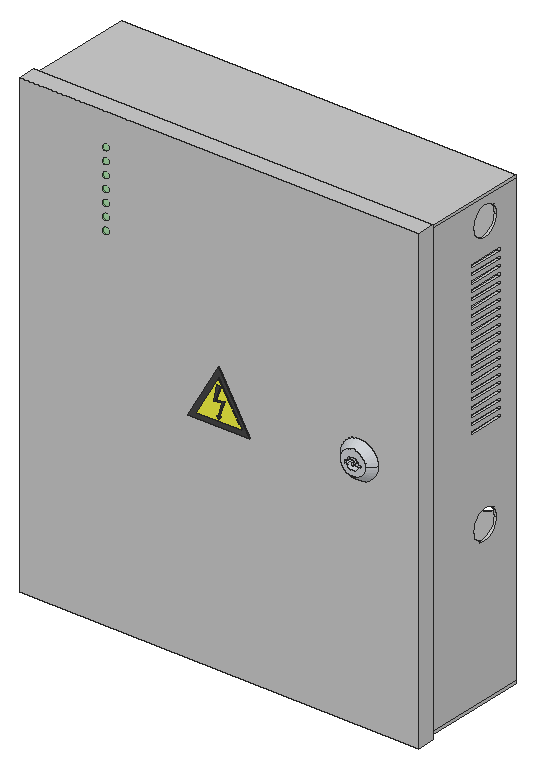
Revit family "STS-301U Трансляционный аудиоусилитель_RV17_LOD_400 (04.10.23)", category Электрооборудование, Revit 2017
Family settings
  Конфигурация панели = Два столбца, слева направо
  Размер круглого соединителя = Использовать диаметр
  Тип детали = Щит
  На основе рабочей плоскости = Нет
  Всегда вертикально = Да
  При загрузке вырезать с полостями = Нет
  Общий = Нет
  Точка расчета площади = Нет
Parameters (values of type "STS-301U")
  частота дискретизации, Гц = "8000, 22050, 32000, 44100"
  Частота питающего напряжения, Гц = 50 Hz
  Режим работы = "непрерывный"
  Подключение к сети = "10 Base-T Ethernet (гнездо RJ-45)"
  Сопротивление громкоговорителя, Ом = "от 8 до 32\r\nот 8 до 32"
  Смещение_УГО_Y [instance] = 0 mm
  Смещение_УГО_X [instance] = 0 mm
  Резервирование электропитания = "имеется"
  Раздел проекта [instance] = ""
  Раздел Спецификации [instance] = ""
  Поддерживаемые форматы аудио = "WAV PCM (без сжатия)"
  Поддерживаемые протоколы = "TCP/IP, UDP/IP, HTTP, RTSP, RTP/UDP"
  Напряжение электропитания в автономном режиме, В = 24 V
  Напряжение = "220"
  Мощность встроенного блока питания, Вт = 100
  Мощность аудиовыхода, Вт = 40 W
  Мощность = "40"
  Потребляемый ток, не более, А = 0.5 A
  Минимальное сопротивление линии оповещения, не менее, Ом = 4
  Максимальное время работы в режиме оповещения, не менее, ч = 1
  Максимальное время работы в автономном режиме, не менее, ч = 25
  Контроль целостности линий до динамиков = "имеется"
  Количество шлейфов сигнализации (ШС), шт. = 4
  Количество аудиовыходов для линий оповещения, шт. = 2
  Диапазон рабочих температур, °С = "от +5 до +50"
  Датчик вскрытия = "имеется"
  Видимость_дверь [instance] = yes
  Видимость_УГО [instance] = yes
  В_Смещение_УГО_Y [instance] = Смещение_УГО_Y + 2000 mm  # 2000 mm
  В_Смещение_УГО_X [instance] = Смещение_УГО_X + 2000 mm  # 2000 mm
  АКБ [instance] = yes
  d короба [instance] = 20 mm
  ADSK_Размер_Ширина = 320 mm
  ADSK_Размер_Глубина = 100 mm
  ADSK_Размер_Высота = 370 mm
  ADSK_Примечание = ""
  ADSK_Наименование = "Трансляционный усилитель STS-301U"
  ADSK_Масса = 4
  ADSK_Марка = "СТАЕ.426469.102"
  ADSK_Количество = 1
  ADSK_Завод-изготовитель = "ООО «Основа Безопасности»"  # constant formula
  ADSK_Единица измерения = "шт."  # constant formula
  ADSK_URL страницы изделия = "https://stilsoft.ru/products/sts-301u"
  ADSK_URL документации изделия = ""
Reference planes
  plane 1 "По центру (Вперед/Назад)": y = 0
  plane 2: z = 0
  plane 3 "По центру (Влево/Вправо)": x = 0
  plane 4: x = 160
  plane 5: x = -160
  plane 6 "0": y = -100
  plane 7: z = 370
  plane 8 "правая грань": x = 158
  plane 9: y = -3
  plane 10 "стенка": y = -5
  plane 11 "дверь": y = -82
  plane 12: y = -81
  plane 13: y = -80
  plane 14: z = 2
  plane 15: z = 4
  plane 16: y = 0
  plane 17: x = 0
  plane 18: y = 2000
  plane 19: x = -2000
  plane 20 "2": x = -158
  plane 21 "1": z = 368
  plane 22: x = 158
Forms (mm)
  Extrusion 1, solid, material "корпус", detail levels medium+fine
    sketch origin (0, 0, 0) x (1, 0, 0) y (0, 1, 0)
      loop
        line (-156, -98) -> (-156, -1.786) -> (155.99, -1.786) -> (155.99, -98) -> (158, -98) -> (158, 0) -> (-158, 0) -> (-158, -98) -> (-156, -98)
    from 4 to 366
  Extrusion 2, solid, material "корпус", detail levels medium+fine
    sketch origin (0, 0, 0) x (1, 0, 0) y (0, 1, 0)
      loop
        line (-158, 0) -> (-158, -98) -> (158, -98) -> (158, 0) -> (-158, 0)
    from 2 to 4
  Extrusion 3, solid, material "корпус", detail levels medium+fine
    sketch origin (0, 0, 0) x (1, 0, 0) y (0, 1, 0)
      loop
        line (-158, 0) -> (-158, -98) -> (158, -98) -> (158, 0) -> (-158, 0)
    from 366 to 368
  Extrusion 4, solid, material "корпус", visible <- "Видимость_дверь", detail levels medium+fine
    sketch origin (0, -82, 0) x (-1, 0, 0) y (0, 0, 1)
      loop
        line (160, 370) -> (-160, 370) -> (-160, 0) -> (160, 0) -> (160, 370)
    from -16 to -18
  Extrusion 5, solid, material "корпус", visible <- "Видимость_дверь", detail levels medium+fine
    sketch origin (0, -82, 0) x (-1, 0, 0) y (0, 0, 1)
      loop
        line (160, 370) -> (-160, 370) -> (-160, 0) -> (160, 0) -> (160, 370)
      loop
        line (158, 366) -> (-158.5, 366) -> (-158.5, 2) -> (158, 2) -> (158, 366)
    from -16 to -3.97
  Extrusion 6, void, detail levels fine
    sketch origin (158, 0, 0) x (0, -1, 0) y (0, 0, 1)
      loop
        line (15, 293.065) -> (15, 290.065) -> (45, 290.065) -> (45, 293.065) -> (15, 293.065)
      loop
        line (15, 287.065) -> (15, 284.065) -> (45, 284.065) -> (45, 287.065) -> (15, 287.065)
      loop
        line (15, 281.065) -> (15, 278.065) -> (45, 278.065) -> (45, 281.065) -> (15, 281.065)
      loop
        line (15, 275.065) -> (15, 272.065) -> (45, 272.065) -> (45, 275.065) -> (15, 275.065)
      loop
        line (15, 269.065) -> (15, 266.065) -> (45, 266.065) -> (45, 269.065) -> (15, 269.065)
      loop
        line (15, 263.065) -> (15, 260.065) -> (45, 260.065) -> (45, 263.065) -> (15, 263.065)
      loop
        line (15, 257.065) -> (15, 254.065) -> (45, 254.065) -> (45, 257.065) -> (15, 257.065)
      loop
        line (15, 251.065) -> (15, 248.065) -> (45, 248.065) -> (45, 251.065) -> (15, 251.065)
      loop
        line (15, 245.065) -> (15, 242.065) -> (45, 242.065) -> (45, 245.065) -> (15, 245.065)
      loop
        line (15, 239.065) -> (15, 236.065) -> (45, 236.065) -> (45, 239.065) -> (15, 239.065)
      loop
        line (15, 233.065) -> (15, 230.065) -> (45, 230.065) -> (45, 233.065) -> (15, 233.065)
      loop
        line (15, 227.065) -> (15, 224.065) -> (45, 224.065) -> (45, 227.065) -> (15, 227.065)
      loop
        line (15, 221.065) -> (15, 218.065) -> (45, 218.065) -> (45, 221.065) -> (15, 221.065)
      loop
        line (15, 215.065) -> (15, 212.065) -> (45, 212.065) -> (45, 215.065) -> (15, 215.065)
      loop
        line (15, 209.065) -> (15, 206.065) -> (45, 206.065) -> (45, 209.065) -> (15, 209.065)
      loop
        line (15, 203.065) -> (15, 200.065) -> (45, 200.065) -> (45, 203.065) -> (15, 203.065)
      loop
        line (15, 323.065) -> (15, 320.065) -> (45, 320.065) -> (45, 323.065) -> (15, 323.065)
      loop
        line (15, 317.065) -> (15, 314.065) -> (45, 314.065) -> (45, 317.065) -> (15, 317.065)
      loop
        line (15, 311.065) -> (15, 308.065) -> (45, 308.065) -> (45, 311.065) -> (15, 311.065)
      loop
        line (15, 305.065) -> (15, 302.065) -> (45, 302.065) -> (45, 305.065) -> (15, 305.065)
      loop
        line (15, 299.065) -> (15, 296.065) -> (45, 296.065) -> (45, 299.065) -> (15, 299.065)
    from 0 to 2
  Extrusion 7, solid, material "ЗНАЧЕК (1)", visible <- "Видимость_дверь", detail levels medium+fine
    sketch origin (0, -100, 45) x (1, 0, 0) y (0, 0, 1)
      loop
        line (25, 130) -> (0, 173) -> (-25, 130) -> (25, 130)
    from 0 to 0.2
  Extrusion 8, solid, material "ЗНАЧЕК (2)", visible <- "Видимость_дверь", detail levels medium+fine
    sketch origin (0, -100, 45) x (1, 0, 0) y (0, 0, 1)
      loop
        line (18, 134) -> (0, 165) -> (-18, 134) -> (18, 134)
    from 0 to 0.3
  Extrusion 9, solid, material "ЗНАЧЕК (1)", detail levels medium+fine
    sketch origin (0, -100, 45) x (1, 0, 0) y (0, 0, 1)
      loop
        line (0, 159.8) -> (-1.4, 159.8) -> (-4.015, 147.497) -> (2.6, 148.075) -> (-0.309, 137.932) -> (-1.555, 137.932) -> (0, 135.238) -> (1.886, 137.932) -> (0.321, 137.932) -> (4.567, 149.598) -> (-2.041, 149.251) -> (1.799, 159.8) -> (0, 159.8)
    from 0 to 0.4
  Revolve 10, solid, material "индикаторы 1", detail levels medium+fine
    sketch origin (145.699, -100, 336.294) x (0, 0, 1) y (-1, 0, 0)
      loop
        arc (-54.5, 236) -> (-52, 233.5) -> (-49.5, 236) r 2.5
        line (-49.5, 236) -> (-54.5, 236)
      axis (-54.5, 236) -> (-49.5, 236)
    angle from 0 to -180
  Revolve 11, solid, material "индикаторы 1", detail levels medium+fine
    sketch origin (145.699, -100, 346.294) x (0, 0, 1) y (-1, 0, 0)
      loop
        arc (-54.5, 236) -> (-52, 233.5) -> (-49.5, 236) r 2.5
        line (-49.5, 236) -> (-54.5, 236)
      axis (-54.5, 236) -> (-49.5, 236)
    angle from 0 to -180
  Revolve 12, solid, material "индикаторы 1", detail levels medium+fine
    sketch origin (145.699, -100, 356.294) x (0, 0, 1) y (-1, 0, 0)
      loop
        arc (-54.5, 236) -> (-52, 233.5) -> (-49.5, 236) r 2.5
        line (-49.5, 236) -> (-54.5, 236)
      axis (-54.5, 236) -> (-49.5, 236)
    angle from 0 to -180
  Revolve 13, solid, material "индикаторы 1", detail levels medium+fine
    sketch origin (145.699, -100, 366.294) x (0, 0, 1) y (-1, 0, 0)
      loop
        arc (-54.5, 236) -> (-52, 233.5) -> (-49.5, 236) r 2.5
        line (-49.5, 236) -> (-54.5, 236)
      axis (-54.5, 236) -> (-49.5, 236)
    angle from 0 to -180
  Revolve 14, solid, material "индикаторы 1", detail levels medium+fine
    sketch origin (145.699, -100, 376.294) x (0, 0, 1) y (-1, 0, 0)
      loop
        arc (-54.5, 236) -> (-52, 233.5) -> (-49.5, 236) r 2.5
        line (-49.5, 236) -> (-54.5, 236)
      axis (-54.5, 236) -> (-49.5, 236)
    angle from 0 to -180
  Revolve 15, solid, material "индикаторы 1", detail levels medium+fine
    sketch origin (145.699, -100, 386.294) x (0, 0, 1) y (-1, 0, 0)
      loop
        arc (-54.5, 236) -> (-52, 233.5) -> (-49.5, 236) r 2.5
        line (-49.5, 236) -> (-54.5, 236)
      axis (-54.5, 236) -> (-49.5, 236)
    angle from 0 to -180
  Revolve 16, solid, material "индикаторы 1", detail levels medium+fine
    sketch origin (145.699, -100, 396.294) x (0, 0, 1) y (-1, 0, 0)
      loop
        arc (-54.5, 236) -> (-52, 233.5) -> (-49.5, 236) r 2.5
        line (-49.5, 236) -> (-54.5, 236)
      axis (-54.5, 236) -> (-49.5, 236)
    angle from 0 to -180
  Extrusion 17, void
    sketch origin (0, -82, 0) x (-1, 0, 0) y (0, 0, 1)
      loop
        line (158, 368) -> (-158, 368) -> (-158, 2) -> (158, 2) -> (158, 368)
    from -16 to -3.97
  Extrusion 18, void, detail levels fine
    sketch origin (158, -12.74, 209.208) x (0, -1, 0) y (0, 0, 1)
      loop
        circle (18, 139) r 12
    from 0 to 2
  Extrusion 19, void, detail levels fine
    sketch origin (158, -12.74, -8.935) x (0, -1, 0) y (0, 0, 1)
      loop
        circle (18, 139) r 12
    from 0 to 2
  Extrusion 20, void, detail levels fine
    sketch origin (-158, 0, 205) x (0, 0, 1) y (0, -1, 0)
      loop
        line (118.065, 15) -> (118.065, 45) -> (115.065, 45) -> (115.065, 15) -> (118.065, 15)
      loop
        line (112.065, 15) -> (112.065, 45) -> (109.065, 45) -> (109.065, 15) -> (112.065, 15)
      loop
        line (106.065, 15) -> (106.065, 45) -> (103.065, 45) -> (103.065, 15) -> (106.065, 15)
      loop
        line (100.065, 15) -> (100.065, 45) -> (97.065, 45) -> (97.065, 15) -> (100.065, 15)
      loop
        line (94.065, 15) -> (94.065, 45) -> (91.065, 45) -> (91.065, 15) -> (94.065, 15)
      loop
        line (88.065, 15) -> (88.065, 45) -> (85.065, 45) -> (85.065, 15) -> (88.065, 15)
      loop
        line (82.065, 15) -> (82.065, 45) -> (79.065, 45) -> (79.065, 15) -> (82.065, 15)
      loop
        line (76.065, 15) -> (76.065, 45) -> (73.065, 45) -> (73.065, 15) -> (76.065, 15)
      loop
        line (70.065, 15) -> (70.065, 45) -> (67.065, 45) -> (67.065, 15) -> (70.065, 15)
      loop
        line (64.065, 15) -> (64.065, 45) -> (61.065, 45) -> (61.065, 15) -> (64.065, 15)
      loop
        line (58.065, 15) -> (58.065, 45) -> (55.065, 45) -> (55.065, 15) -> (58.065, 15)
      loop
        line (52.065, 15) -> (52.065, 45) -> (49.065, 45) -> (49.065, 15) -> (52.065, 15)
      loop
        line (46.065, 15) -> (46.065, 45) -> (43.065, 45) -> (43.065, 15) -> (46.065, 15)
      loop
        line (40.065, 15) -> (40.065, 45) -> (37.065, 45) -> (37.065, 15) -> (40.065, 15)
      loop
        line (34.065, 15) -> (34.065, 45) -> (31.065, 45) -> (31.065, 15) -> (34.065, 15)
      loop
        line (28.065, 15) -> (28.065, 45) -> (25.065, 45) -> (25.065, 15) -> (28.065, 15)
      loop
        line (148.065, 15) -> (148.065, 45) -> (145.065, 45) -> (145.065, 15) -> (148.065, 15)
      loop
        line (142.065, 15) -> (142.065, 45) -> (139.065, 45) -> (139.065, 15) -> (142.065, 15)
      loop
        line (136.065, 15) -> (136.065, 45) -> (133.065, 45) -> (133.065, 15) -> (136.065, 15)
      loop
        line (130.065, 15) -> (130.065, 45) -> (127.065, 45) -> (127.065, 15) -> (130.065, 15)
      loop
        line (124.065, 15) -> (124.065, 45) -> (121.065, 45) -> (121.065, 15) -> (124.065, 15)
    from 0 to 2
  Extrusion 21, void, detail levels fine
    sketch origin (-158, 0, 2) x (0, 0, 1) y (0, -1, 0)
      loop
        circle (128.064, 30.74) r 12
    from 0 to 2
  Blend 22, solid, detail levels medium+fine
    base sketch origin (0, -100, 0) x (1, 0, 0) y (0, 0, 1)
      loop
        circle (112.491, 191.124) r 15
    top sketch origin (0, -100, 0) x (1, 0, 0) y (0, 0, 1)
      loop
        circle (112.491, 191.124) r 10
    from 0 to 6
  Extrusion 23, void
    sketch origin (0, -100, 0) x (1, 0, 0) y (0, 0, 1)
      loop
        circle (112.263, 190.268) r 0.888
      loop
        line (105.364, 191.514) -> (105.364, 189.117) -> (107.397, 189.117)
        arc (107.397, 189.117) -> (112.263, 185.268) -> (117.128, 189.117) r 5
        line (117.128, 189.117) -> (119.161, 189.117) -> (119.161, 191.514) -> (117.105, 191.514)
        arc (117.105, 191.514) -> (112.263, 195.268) -> (107.42, 191.514) r 5
        line (107.42, 191.514) -> (105.364, 191.514)
    from 6 to 0.529
  Extrusion 24, void
    sketch origin (0, 0, 0) x (1, 0, 0) y (0, 0, 1)
      loop
        circle (133.233, 130.065) r 12
    from 0 to 2
  Extrusion 25, void
    sketch origin (-0.107, 0, 0) x (-1, 0, 0) y (0, 0, -1)
      loop
        circle (133.233, -130.065) r 12
    from 0 to 2
Cuts and joins
  Extrusion 17 cuts Extrusion 4
  Extrusion 17 cuts Extrusion 5
  joined: Extrusion 4, Extrusion 5
  Extrusion 6, Extrusion 17, Extrusion 18, Extrusion 19, Extrusion 20, Extrusion 21, Extrusion 24, Extrusion 25 cuts Extrusion 1
  Extrusion 17 cuts Extrusion 7
  Extrusion 17 cuts Extrusion 8
  Extrusion 17 cuts Extrusion 9
  Extrusion 17 cuts Revolve 10
  Extrusion 17 cuts Revolve 11
  Extrusion 17 cuts Revolve 12
  Extrusion 17 cuts Revolve 13
  Extrusion 17 cuts Revolve 14
  Extrusion 17 cuts Revolve 15
  Extrusion 17 cuts Revolve 16
  Extrusion 23 cuts Blend 22
Dimensions and locks
  "ADSK_Размер_Ширина": plane 5 to plane 4
  "ADSK_Размер_Глубина": plane 6 "0" to plane 1 "По центру (Вперед/Назад)"
  "ADSK_Размер_Высота": plane 7 to level
  locked: plane 18 to plane 1 "По центру (Вперед/Назад)" at 2000
  locked: plane 19 to plane 3 "По центру (Влево/Вправо)" at 2000
  "В_Смещение_УГО_X": plane 19 to plane 17
  "В_Смещение_УГО_Y": plane 16 to plane 18
  equal spacing: plane 5, plane 3 "По центру (Влево/Вправо)", plane 4
  locked: cut or joined group of Extrusion 4, Extrusion 5, Extrusion 17 to cut or joined group of Extrusion 4, Extrusion 5, Extrusion 17 at 2
  locked: cut or joined group of Extrusion 4, Extrusion 5, Extrusion 17 to cut or joined group of Extrusion 4, Extrusion 5, Extrusion 17 at 12.03
  aligned and locked: level to plane 2
  aligned and locked: nested 1 to plane 16
  aligned and locked: plane 17 to nested 1
Automatic sketch dimensions
  Extrusion 1 sketch curve to plane 20 "2" = 0 mm
  plane 1 "По центру (Вперед/Назад)" to Extrusion 1 sketch curve = 0 mm
  Extrusion 1 sketch curve to plane 8 "правая грань" = 0 mm
  plane 20 "2" to Extrusion 1 sketch curve = 2 mm
  plane 8 "правая грань" to Extrusion 1 sketch curve = 2.01 mm
  plane 9 to Extrusion 1 sketch curve = 1.214 mm
  Extrusion 1 sketch curve to plane 6 "0" = 2 mm  (x2)
  Extrusion 2 sketch curve to plane 20 "2" = 0 mm
  Extrusion 2 sketch curve to plane 8 "правая грань" = 0 mm
  plane 1 "По центру (Вперед/Назад)" to Extrusion 2 sketch curve = 0 mm
  Extrusion 2 sketch curve to plane 6 "0" = 2 mm
  Extrusion 3 sketch curve to plane 20 "2" = 0 mm
  Extrusion 3 sketch curve to plane 8 "правая грань" = 0 mm
  plane 1 "По центру (Вперед/Назад)" to Extrusion 3 sketch curve = 0 mm
  Extrusion 3 sketch curve to plane 6 "0" = 2 mm
  Extrusion 4 sketch curve to plane 4 = 0 mm
  Extrusion 4 sketch curve to level = 0 mm
  plane 5 to Extrusion 4 sketch curve = 0 mm
  Extrusion 4 sketch curve to plane 7 = 0 mm
  Extrusion 5 sketch curve to plane 4 = 0 mm
  Extrusion 5 sketch curve to plane 14 = 0 mm
  Extrusion 5 sketch curve to plane 20 "2" = 0 mm
  plane 5 to Extrusion 5 sketch curve = 0 mm
  Extrusion 5 sketch curve to level = 0 mm
  Extrusion 5 sketch curve to plane 7 = 0 mm
  Extrusion 5 sketch curve to plane 8 "правая грань" = 0.5 mm
  plane 21 "1" to Extrusion 5 sketch curve = 2 mm
  Extrusion 6 sketch curve to plane 10 "стенка" = 10 mm  (x2)
  Extrusion 6 sketch curve to Extrusion 6 sketch curve = 0 mm  (x38)
  Extrusion 6 sketch curve to Extrusion 6 sketch curve = 30 mm  (x2)
  plane 21 "1" to Extrusion 6 sketch curve = 167.935 mm
  Extrusion 6 sketch curve to Extrusion 6 sketch curve = 3 mm  (x41)
  Extrusion 7 sketch curve to plane 3 "По центру (Влево/Вправо)" = 0 mm
  Extrusion 7 sketch curve to plane 3 "По центру (Влево/Вправо)" = 25 mm
  plane 3 "По центру (Влево/Вправо)" to Extrusion 7 sketch curve = 25 mm
  plane 15 to Extrusion 7 sketch curve = 171 mm
  Extrusion 7 sketch curve to Extrusion 7 sketch curve = 43 mm
  Extrusion 8 sketch curve to plane 3 "По центру (Влево/Вправо)" = 0 mm
  Extrusion 8 sketch curve to plane 3 "По центру (Влево/Вправо)" = 18 mm
  plane 3 "По центру (Влево/Вправо)" to Extrusion 8 sketch curve = 18 mm
  plane 15 to Extrusion 8 sketch curve = 175 mm
  Extrusion 8 sketch curve to Extrusion 8 sketch curve = 31 mm
  Extrusion 9 sketch curve to plane 3 "По центру (Влево/Вправо)" = 0 mm  (x2)
  Extrusion 9 sketch curve to plane 3 "По центру (Влево/Вправо)" = 0.309 mm
  Extrusion 9 sketch curve to Extrusion 9 sketch curve = 1.4 mm
  Extrusion 9 sketch curve to Extrusion 9 sketch curve = 1.246 mm
  Extrusion 9 sketch curve to plane 3 "По центру (Влево/Вправо)" = 2.041 mm
  Extrusion 9 sketch curve to Extrusion 9 sketch curve = 1.975 mm
  plane 3 "По центру (Влево/Вправо)" to Extrusion 9 sketch curve = 0.321 mm
  plane 3 "По центру (Влево/Вправо)" to Extrusion 9 sketch curve = 1.799 mm
  Extrusion 9 sketch curve to Extrusion 9 sketch curve = 1.565 mm
  plane 3 "По центру (Влево/Вправо)" to Extrusion 9 sketch curve = 2.6 mm
  Extrusion 9 sketch curve to Extrusion 9 sketch curve = 1.968 mm
  plane 15 to Extrusion 9 sketch curve = 176.238 mm
  Extrusion 9 sketch curve to Extrusion 9 sketch curve = 2.694 mm
  Extrusion 9 sketch curve to Extrusion 9 sketch curve = 0 mm
  Extrusion 9 sketch curve to Extrusion 9 sketch curve = 9.564 mm
  Extrusion 9 sketch curve to Extrusion 9 sketch curve = 0.579 mm
  Extrusion 9 sketch curve to Extrusion 9 sketch curve = 1.755 mm
  Extrusion 9 sketch curve to Extrusion 9 sketch curve = 1.522 mm
  Extrusion 9 sketch curve to Extrusion 9 sketch curve = 10.549 mm
  plane 21 "1" to Revolve 10 sketch curve = 86.206 mm
  Revolve 10 sketch curve to Revolve 10 sketch curve = 2.5 mm
  plane 20 "2" to Revolve 10 sketch curve = 67.699 mm
  Revolve 10 sketch curve to Revolve 10 sketch curve = 0 mm  (x3)
  plane 21 "1" to Revolve 11 sketch curve = 76.206 mm
  Revolve 11 sketch curve to Revolve 11 sketch curve = 2.5 mm
  plane 20 "2" to Revolve 11 sketch curve = 67.699 mm
  Revolve 11 sketch curve to Revolve 11 sketch curve = 0 mm  (x3)
  plane 21 "1" to Revolve 12 sketch curve = 66.206 mm
  Revolve 12 sketch curve to Revolve 12 sketch curve = 2.5 mm
  plane 20 "2" to Revolve 12 sketch curve = 67.699 mm
  Revolve 12 sketch curve to Revolve 12 sketch curve = 0 mm  (x3)
  plane 21 "1" to Revolve 13 sketch curve = 56.206 mm
  Revolve 13 sketch curve to Revolve 13 sketch curve = 2.5 mm
  plane 20 "2" to Revolve 13 sketch curve = 67.699 mm
  Revolve 13 sketch curve to Revolve 13 sketch curve = 0 mm  (x3)
  plane 21 "1" to Revolve 14 sketch curve = 46.206 mm
  Revolve 14 sketch curve to Revolve 14 sketch curve = 2.5 mm
  plane 20 "2" to Revolve 14 sketch curve = 67.699 mm
  Revolve 14 sketch curve to Revolve 14 sketch curve = 0 mm  (x3)
  plane 21 "1" to Revolve 15 sketch curve = 36.206 mm
  Revolve 15 sketch curve to Revolve 15 sketch curve = 2.5 mm
  plane 20 "2" to Revolve 15 sketch curve = 67.699 mm
  Revolve 15 sketch curve to Revolve 15 sketch curve = 0 mm  (x3)
  plane 21 "1" to Revolve 16 sketch curve = 26.206 mm
  Revolve 16 sketch curve to Revolve 16 sketch curve = 2.5 mm
  plane 20 "2" to Revolve 16 sketch curve = 67.699 mm
  Revolve 16 sketch curve to Revolve 16 sketch curve = 0 mm  (x3)
  plane 8 "правая грань" to Extrusion 17 sketch curve = 0 mm
  Extrusion 17 sketch curve to plane 14 = 0 mm
  Extrusion 17 sketch curve to plane 20 "2" = 0 mm
  Extrusion 17 sketch curve to plane 21 "1" = 0 mm
  Extrusion 18 sketch curve to plane 10 "стенка" = 25.74 mm
  plane 21 "1" to Extrusion 18 sketch curve = 19.792 mm
  Extrusion 19 sketch curve to plane 10 "стенка" = 25.74 mm
  plane 15 to Extrusion 19 sketch curve = 126.065 mm
  Extrusion 20 sketch curve to plane 10 "стенка" = 10 mm  (x3)
  plane 21 "1" to Extrusion 20 sketch curve = 137.935 mm
  Extrusion 20 sketch curve to Extrusion 20 sketch curve = 3 mm  (x41)
  Extrusion 20 sketch curve to Extrusion 20 sketch curve = 0 mm  (x37)
  Extrusion 20 sketch curve to Extrusion 20 sketch curve = 30 mm  (x2)
  Extrusion 21 sketch curve to plane 10 "стенка" = 25.74 mm
  plane 15 to Extrusion 21 sketch curve = 126.065 mm
  plane 8 "правая грань" to Blend 22 sketch curve = 45.509 mm  (x2)
  plane 21 "1" to Blend 22 sketch curve = 176.876 mm  (x2)
  Extrusion 23 sketch curve to Extrusion 23 sketch curve = 0 mm  (x6)
  plane 8 "правая грань" to Extrusion 23 sketch curve = 52.636 mm
  Extrusion 23 sketch curve to Extrusion 23 sketch curve = 2.033 mm
  Extrusion 23 sketch curve to Extrusion 23 sketch curve = 2.057 mm  (x2)
  Extrusion 23 sketch curve to Extrusion 23 sketch curve = 4.842 mm  (x2)
  Extrusion 23 sketch curve to Extrusion 23 sketch curve = 0.023 mm
  plane 21 "1" to Extrusion 23 sketch curve = 178.883 mm
  Extrusion 23 sketch curve to Extrusion 23 sketch curve = 1.151 mm
  Extrusion 23 sketch curve to Extrusion 23 sketch curve = 2.396 mm
  plane 8 "правая грань" to Extrusion 24 sketch curve = 24.767 mm
  plane 15 to Extrusion 24 sketch curve = 126.065 mm
  Extrusion 25 sketch curve to plane 20 "2" = 24.661 mm
  Extrusion 25 sketch curve to plane 15 = 126.065 mm
  radius of Extrusion 18 sketch curve = 12 mm
  radius of Extrusion 19 sketch curve = 12 mm
  radius of Extrusion 21 sketch curve = 12 mm
  radius of Blend 22 sketch curve = 15 mm
  radius of Blend 22 sketch curve = 10 mm
  radius of Extrusion 23 sketch curve = 0.888 mm
  radius of Extrusion 24 sketch curve = 12 mm
  radius of Extrusion 25 sketch curve = 12 mm
Nested families
  nested 1: "УГО_Контроллер" at (0, 0, 0), visible <- "Видимость_УГО", type "УГО_Контроллер"
Definition of nested family "УГО_Контроллер"
  Reference planes
    plane 1: y = 0
    plane 2: x = 0
  Lines and regions (mm)
    Filled region 1, type "Цветовая область 1"
      outline origin (0, 0, 0) x (1, 0, 0) y (0, 1, 0)
        loop
          line (0, -2.5) -> (0, -5) -> (5, -5) -> (5, -2.5) -> (0, -2.5)
    detail lines
      curve 1: line (5, 0, 0) -> (5, -5, 0)
      curve 2: line (5, -5, 0) -> (-5, -5, 0)
      curve 3: line (-5, -5, 0) -> (-5, 0, 0)
      curve 4: line (-5, 0, 0) -> (5, 0, 0)
      curve 5: line (5, -2.5, 0) -> (0, -2.5, 0)
      curve 6: line (0, -2.5, 0) -> (0, -5, 0)
